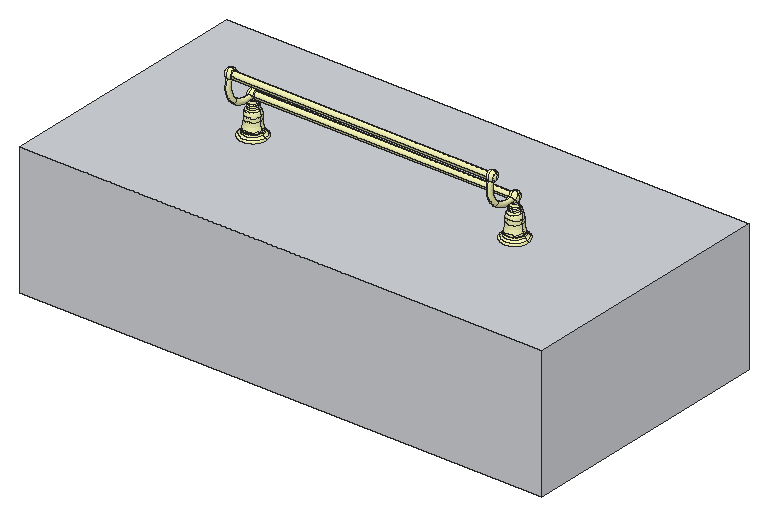
Revit family (continued)
Definition of nested family "Furniture-Wall_Mount-Assembly-Kohler-13500"
  Automatic sketch dimensions
    Sweep 2 sketch curve to Sweep 2 sketch curve = 0' - 0.28384"
    Sweep 2 sketch curve to Sweep 2 sketch curve = 0' - 0.12107"
    Sweep 2 sketch curve to Sweep 2 sketch curve = 0' - 0.01002"
    Sweep 2 sketch curve to Sweep 2 sketch curve = 0' - 0"  (x2)
    Sweep 2 sketch curve to Sweep 2 sketch curve = 0' - 0.02934"
    Sweep 2 sketch curve to Sweep 2 sketch curve = 0' - 0.05759"
    Sweep 2 sketch curve to Sweep 2 sketch curve = 0' - 0.08101"
    Sweep 2 sketch curve to Sweep 2 sketch curve = 0' - 0.29062"
    Sweep 2 sketch curve to Sweep 2 sketch curve = 0' - 0.06194"
    Sweep 2 sketch curve to Sweep 2 sketch curve = 0' - 0.08459"
    Sweep 2 sketch curve to Sweep 2 sketch curve = 0' - 0.76853"
    Sweep 2 sketch curve to Sweep 2 sketch curve = 0' - 0.84328"
    level to Sweep 2 sketch curve = 0' - 0.3334"
    Sweep 2 sketch curve to Sweep 2 sketch curve = 0' - 0.01475"
    Sweep 2 sketch curve to Sweep 2 sketch curve = 0' - 0.07327"
    Sweep 2 sketch curve to Sweep 2 sketch curve = 0' - 0.12381"
    level to Sweep 2 sketch curve = 0' - 1.31966"
    Sweep 2 sketch curve to Sweep 2 sketch curve = 0' - 0.34972"
    Sweep 2 sketch curve to Sweep 2 sketch curve = 0' - 0.01118"
    Sweep 2 sketch curve to Sweep 2 sketch curve = 0' - 0.21375"
    Sweep 2 sketch curve to Sweep 2 sketch curve = 0' - 0.0996"
    Sweep 2 sketch curve to Sweep 2 sketch curve = 0' - 0.08344"
    Sweep 2 sketch curve to Sweep 2 sketch curve = 0' - 0.20888"
    Revolve 3 sketch curve to plane 3 "Center (Left/Right)" = 0' - 0"
    Revolve 3 sketch curve to plane 13 "Top" = 0' - 0"
    plane 11 to Revolve 3 sketch curve = 0' - 0.01256"  (x2)
    Revolve 3 sketch curve to plane 3 "Center (Left/Right)" = 0' - 0.00947"
    plane 11 to Revolve 3 sketch curve = 0' - 0.08207"
    plane 3 "Center (Left/Right)" to Revolve 3 sketch curve = 0' - 0.00947"
    Revolve 3 sketch curve to Revolve 3 sketch curve = 0' - 0"  (x5)
    Revolve 3 sketch curve to plane 13 "Top" = 0' - 0 45/256"
    Revolve 3 sketch curve to Revolve 3 sketch curve = 0' - 0.2839"
    radius of Sweep 2 sketch curve = 0' - 1 13/64"
Types (3): name | Finish
  (no name) | Nickel-Kohler-BN-Vibrant_Brushed_Nickel
  Chrome-Polished_Chrome-CP | Chrome-Kohler-CP-Polished_Chrome
  Nickel-Vibrant_Brushed_Nickel-BN | Nickel-Kohler-BN-Vibrant_Brushed_Nickel
